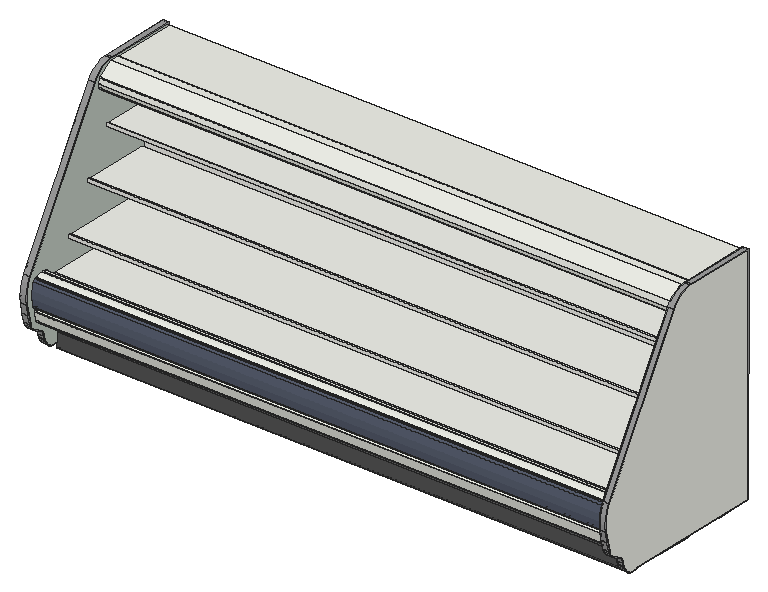
Revit family "IC2XSL_2014", category Specialty Equipment, Revit 2014 (continued)
Automatic sketch dimensions
  Sweep 13 sketch curve to Sweep 13 sketch curve = 1.02879"
  Sweep 13 sketch curve to Sweep 13 sketch curve = 1.04428"
  Sweep 13 sketch curve to Sweep 13 sketch curve = 0.25647"
  Sweep 13 sketch curve to plane 3 "Top" = 0.19967"
  profile plane to Sweep 13 sketch curve = 0.03127"
  profile plane to Sweep 13 sketch curve = 0.00002"
  Sweep 14 sketch curve to Sweep 14 sketch curve = 0"  (x2)
  Sweep 14 sketch curve to plane 5 "Front" = 0.76218"
  Sweep 14 sketch curve to plane 5 "Front" = 0.15799"
  Sweep 14 sketch curve to plane 5 "Front" = 0.13846"
  plane 5 "Front" to Sweep 14 sketch curve = 0.58581"
  plane 5 "Front" to Sweep 14 sketch curve = 1.50402"
  plane 5 "Front" to Sweep 14 sketch curve = 1.5175"
  Sweep 14 sketch curve to Sweep 14 sketch curve = 1.26881"
  plane 5 "Front" to Sweep 14 sketch curve = 3.01575"
  Sweep 14 sketch curve to Sweep 14 sketch curve = 1.40828"
  Sweep 14 sketch curve to Sweep 14 sketch curve = 0.25647"
  Sweep 14 sketch curve to Sweep 14 sketch curve = 3.1542"
  level to Sweep 14 sketch curve = 1.14864"
  Sweep 14 sketch curve to Sweep 14 sketch curve = 0.01548"
  Sweep 14 sketch curve to Sweep 14 sketch curve = 4.63687"
  Sweep 14 sketch curve to Sweep 14 sketch curve = 1.02879"
  plane 13 to Sweep 14 sketch curve = 2.80151"
  plane 5 "Front" to Sweep 14 sketch curve = 15.57505"
  Sweep 14 sketch curve to plane 11 = 7.20912"
  Sweep 14 sketch curve to Sweep 14 sketch curve = 12.0321"
  plane 3 "Top" to Sweep 14 sketch curve = 3.02972"
  Sweep 14 sketch curve to Sweep 14 sketch curve = 4.61809"
  Sweep 14 sketch curve to Sweep 14 sketch curve = 5.6739"
  Sweep 14 sketch curve to plane 3 "Top" = 0.2296"
  Sweep 14 sketch curve to Sweep 14 sketch curve = 5.69059"
  Sweep 14 sketch curve to plane 1 "Back" = 0.01253"
  Sweep 14 sketch curve to Sweep 14 sketch curve = 0.14623"
  level to Sweep 14 sketch curve = 1.34016"
  level to Sweep 14 sketch curve = 3.56886"
  Sweep 14 sketch curve to Sweep 14 sketch curve = 0.2368"
  Sweep 14 sketch curve to Sweep 14 sketch curve = 0.95748"
  Sweep 14 sketch curve to Sweep 14 sketch curve = 0.65797"
  Sweep 14 sketch curve to Sweep 14 sketch curve = 2.05632"
  Sweep 14 sketch curve to Sweep 14 sketch curve = 2.32776"
  Sweep 14 sketch curve to Sweep 14 sketch curve = 5.43078"
  Sweep 14 sketch curve to Sweep 14 sketch curve = 8.50319"
  Sweep 14 sketch curve to Sweep 14 sketch curve = 1.2754"
  Sweep 14 sketch curve to plane 3 "Top" = 0.19965"
  profile plane to Sweep 14 sketch curve = 0.03129"
  profile plane to Sweep 14 sketch curve = 0.00004"
  Extrusion 1 sketch curve to Extrusion 1 sketch curve = 0"  (x2)
  Extrusion 2 sketch curve to Extrusion 2 sketch curve = 0"
  Extrusion 3 sketch curve to Extrusion 3 sketch curve = 0"
  curve 3 to plane 5 "Front" = 0"
  plane 1 "Back" to curve 1 = 0"
  plane 1 "Back" to curve 3 = 0"
  plane 1 "Back" to curve 2 = 0"
  Extrusion 4 sketch curve to plane 1 "Back" = 0"
  plane 3 "Top" to Extrusion 4 sketch curve = 2.46699"
  plane 1 "Back" to Extrusion 4 sketch curve = 6.51268"
  Extrusion 4 sketch curve to Extrusion 4 sketch curve = 0.40561"
  Extrusion 4 sketch curve to Extrusion 4 sketch curve = 0.65073"
  Extrusion 4 sketch curve to Extrusion 4 sketch curve = 0.63549"
  Extrusion 4 sketch curve to Extrusion 4 sketch curve = 0.24992"
  plane 1 "Back" to Extrusion 4 sketch curve = 8.50716"
  Extrusion 4 sketch curve to Extrusion 4 sketch curve = 0.16495"  (x3)
  Extrusion 4 sketch curve to Extrusion 4 sketch curve = 3.0803"
  plane 3 "Top" to Extrusion 4 sketch curve = 0.25881"
  Extrusion 4 sketch curve to Extrusion 4 sketch curve = 9.63787"
  Extrusion 4 sketch curve to Extrusion 4 sketch curve = 0.23267"
  plane 3 "Top" to Extrusion 4 sketch curve = 1.83448"
  Extrusion 4 sketch curve to Extrusion 4 sketch curve = 1.04743"
  plane 3 "Top" to Extrusion 4 sketch curve = 0.23302"
  Extrusion 4 sketch curve to Extrusion 4 sketch curve = 1.17465"
  plane 3 "Top" to Extrusion 4 sketch curve = 0.12861"
  Extrusion 4 sketch curve to Extrusion 4 sketch curve = 0.06775"  (x2)
  plane 3 "Top" to Extrusion 4 sketch curve = 3.21379"
  Extrusion 4 sketch curve to Extrusion 4 sketch curve = 1.38553"
  Extrusion 4 sketch curve to Extrusion 4 sketch curve = 0.04394"
  Extrusion 4 sketch curve to Extrusion 4 sketch curve = 7.67951"
  Extrusion 4 sketch curve to Extrusion 4 sketch curve = 0.30279"
  Extrusion 4 sketch curve to Extrusion 4 sketch curve = 2.20547"
  Extrusion 4 sketch curve to Extrusion 4 sketch curve = 0.00336"
  Extrusion 4 sketch curve to Extrusion 4 sketch curve = 0.37315"
  plane 3 "Top" to Extrusion 4 sketch curve = 4.73454"
  Extrusion 4 sketch curve to Extrusion 4 sketch curve = 0.05548"
  plane 3 "Top" to Extrusion 4 sketch curve = 4.84948"
  Extrusion 4 sketch curve to Extrusion 4 sketch curve = 0.03653"
  Extrusion 4 sketch curve to Extrusion 4 sketch curve = 0.0855"  (x2)
  plane 3 "Top" to Extrusion 4 sketch curve = 3.76865"
  Extrusion 4 sketch curve to Extrusion 4 sketch curve = 0.24928"
  plane 3 "Top" to Extrusion 4 sketch curve = 5.04328"
  Extrusion 4 sketch curve to Extrusion 4 sketch curve = 0.20503"
  plane 3 "Top" to Extrusion 4 sketch curve = 5.06617"
  Extrusion 4 sketch curve to Extrusion 4 sketch curve = 0.05142"  (x2)
  Extrusion 4 sketch curve to Extrusion 4 sketch curve = 0.62294"
  Extrusion 4 sketch curve to Extrusion 4 sketch curve = 0.30253"
  plane 3 "Top" to Extrusion 4 sketch curve = 2.37382"
  plane 3 "Top" to Extrusion 4 sketch curve = 4.92891"
  plane 3 "Top" to Extrusion 4 sketch curve = 2.44919"
  Extrusion 4 sketch curve to Extrusion 4 sketch curve = 0.05328"
  plane 3 "Top" to Extrusion 4 sketch curve = 4.84608"
  Extrusion 4 sketch curve to Extrusion 4 sketch curve = 0.06924"
  Extrusion 4 sketch curve to Extrusion 4 sketch curve = 0.69167"
  plane 3 "Top" to Extrusion 4 sketch curve = 3.83425"
  Extrusion 4 sketch curve to Extrusion 4 sketch curve = 0.12066"
  plane 3 "Top" to Extrusion 4 sketch curve = 3.77469"
  Extrusion 4 sketch curve to Extrusion 4 sketch curve = 0.00036"
  level to Extrusion 4 sketch curve = 1.58082"
  Extrusion 4 sketch curve to Extrusion 4 sketch curve = 3.52792"
  Extrusion 4 sketch curve to plane 11 = 8.15832"
  Extrusion 4 sketch curve to Extrusion 4 sketch curve = 1.82053"
  plane 5 "Front" to Extrusion 4 sketch curve = 8.07405"
  Extrusion 4 sketch curve to Extrusion 4 sketch curve = 0.02089"
  Extrusion 4 sketch curve to Extrusion 4 sketch curve = 0.38322"
  Extrusion 4 sketch curve to Extrusion 4 sketch curve = 0.03165"
  Extrusion 4 sketch curve to Extrusion 4 sketch curve = 0.85356"
  Extrusion 4 sketch curve to Extrusion 4 sketch curve = 0.08776"
  Extrusion 4 sketch curve to Extrusion 4 sketch curve = 0.04779"
  level to Extrusion 4 sketch curve = 5.77763"
  Extrusion 4 sketch curve to Extrusion 4 sketch curve = 0.02665"
  Extrusion 4 sketch curve to Extrusion 4 sketch curve = 0.98434"
  Extrusion 4 sketch curve to Extrusion 4 sketch curve = 0.99165"
  Extrusion 4 sketch curve to Extrusion 4 sketch curve = 0.183"
  Extrusion 4 sketch curve to Extrusion 4 sketch curve = 0.20152"
  Extrusion 4 sketch curve to Extrusion 4 sketch curve = 0.15872"
  Extrusion 4 sketch curve to Extrusion 4 sketch curve = 0.02071"
  Extrusion 4 sketch curve to Extrusion 4 sketch curve = 0.07126"
  Extrusion 4 sketch curve to Extrusion 4 sketch curve = 0.93257"
  Extrusion 4 sketch curve to Extrusion 4 sketch curve = 0.04002"
  Extrusion 4 sketch curve to Extrusion 4 sketch curve = 0.05055"
  Extrusion 4 sketch curve to Extrusion 4 sketch curve = 0.91765"
  Extrusion 4 sketch curve to Extrusion 4 sketch curve = 0.01054"
  Extrusion 4 sketch curve to Extrusion 4 sketch curve = 0.12246"
  Extrusion 4 sketch curve to Extrusion 4 sketch curve = 2.54725"
  plane 5 "Front" to Extrusion 4 sketch curve = 1.63975"
  plane 5 "Front" to Extrusion 4 sketch curve = 1.57455"
  Extrusion 4 sketch curve to Extrusion 4 sketch curve = 0.07583"
  Extrusion 4 sketch curve to Extrusion 4 sketch curve = 0.07923"
  Extrusion 4 sketch curve to Extrusion 4 sketch curve = 0.14334"
  Extrusion 4 sketch curve to Extrusion 4 sketch curve = 0.04134"
  Extrusion 4 sketch curve to Extrusion 4 sketch curve = 0.18513"
  Extrusion 4 sketch curve to Extrusion 4 sketch curve = 0.0402"
  Extrusion 4 sketch curve to Extrusion 4 sketch curve = 0.04966"
  Extrusion 4 sketch curve to Extrusion 4 sketch curve = 0.05018"
  Extrusion 4 sketch curve to Extrusion 4 sketch curve = 0.10623"
  Extrusion 4 sketch curve to Extrusion 4 sketch curve = 0.03772"  (x2)
  Extrusion 4 sketch curve to Extrusion 4 sketch curve = 0.0342"  (x2)
  Extrusion 4 sketch curve to Extrusion 4 sketch curve = 0.52554"
  Extrusion 4 sketch curve to Extrusion 4 sketch curve = 0.01073"
  Extrusion 4 sketch curve to Extrusion 4 sketch curve = 0.23314"
  Extrusion 4 sketch curve to Extrusion 4 sketch curve = 3.11854"
  Extrusion 4 sketch curve to Extrusion 4 sketch curve = 0.09979"
  Extrusion 4 sketch curve to Extrusion 4 sketch curve = 4 133/256"
  Extrusion 4 sketch curve to Extrusion 4 sketch curve = 0.01305"
  Extrusion 4 sketch curve to Extrusion 4 sketch curve = 0.17029"
  Extrusion 4 sketch curve to Extrusion 4 sketch curve = 0.05865"
  Extrusion 4 sketch curve to Extrusion 4 sketch curve = 0.31287"
  Extrusion 4 sketch curve to Extrusion 4 sketch curve = 65/256"
  Extrusion 4 sketch curve to Extrusion 4 sketch curve = 0.0098"
  Extrusion 4 sketch curve to Extrusion 4 sketch curve = 0.43051"
  Extrusion 4 sketch curve to Extrusion 4 sketch curve = 1.02083"
  Extrusion 4 sketch curve to Extrusion 4 sketch curve = 0.0444"
  Extrusion 4 sketch curve to Extrusion 4 sketch curve = 0.12659"
  Extrusion 4 sketch curve to Extrusion 4 sketch curve = 0.12566"
  Extrusion 4 sketch curve to Extrusion 4 sketch curve = 0.24791"
  Extrusion 4 sketch curve to Extrusion 4 sketch curve = 0.01567"
  Extrusion 4 sketch curve to Extrusion 4 sketch curve = 0.16362"
  Extrusion 4 sketch curve to plane 11 = 8.62041"
  Extrusion 4 sketch curve to Extrusion 4 sketch curve = 0.01586"
  Extrusion 4 sketch curve to Extrusion 4 sketch curve = 0.36189"
  Extrusion 4 sketch curve to Extrusion 4 sketch curve = 0.7215"
  Extrusion 4 sketch curve to Extrusion 4 sketch curve = 2.54085"
  Extrusion 4 sketch curve to Extrusion 4 sketch curve = 0.49985"
  Extrusion 4 sketch curve to Extrusion 4 sketch curve = 0.46135"
  Extrusion 4 sketch curve to Extrusion 4 sketch curve = 1.06839"
  Extrusion 4 sketch curve to Extrusion 4 sketch curve = 0.92456"
  Extrusion 4 sketch curve to Extrusion 4 sketch curve = 0.01207"
  Extrusion 4 sketch curve to Extrusion 4 sketch curve = 2.18417"
  Extrusion 4 sketch curve to Extrusion 4 sketch curve = 0.38016"
  Extrusion 4 sketch curve to Extrusion 4 sketch curve = 0.06436"
  Extrusion 4 sketch curve to Extrusion 4 sketch curve = 0.0073"
  Extrusion 4 sketch curve to Extrusion 4 sketch curve = 0.91268"
  Extrusion 4 sketch curve to Extrusion 4 sketch curve = 0.05165"
  Extrusion 4 sketch curve to Extrusion 4 sketch curve = 0.13522"
  Extrusion 4 sketch curve to Extrusion 4 sketch curve = 0.02093"
  Extrusion 4 sketch curve to Extrusion 4 sketch curve = 0.0715"
  Extrusion 4 sketch curve to Extrusion 4 sketch curve = 0.45618"
  Extrusion 4 sketch curve to Extrusion 4 sketch curve = 0.04001"
  level to Extrusion 4 sketch curve = 5.51819"
  Extrusion 4 sketch curve to Extrusion 4 sketch curve = 0.16483"
  Extrusion 4 sketch curve to Extrusion 4 sketch curve = 0.0003"
  Extrusion 4 sketch curve to Extrusion 4 sketch curve = 0.05122"
  Extrusion 4 sketch curve to Extrusion 4 sketch curve = 0.00175"
  Extrusion 4 sketch curve to Extrusion 4 sketch curve = 0.00443"
  Extrusion 4 sketch curve to Extrusion 4 sketch curve = 0.06223"  (x2)
  Extrusion 4 sketch curve to Extrusion 4 sketch curve = 0"
  Extrusion 4 sketch curve to Extrusion 4 sketch curve = 0.01348"
  Extrusion 4 sketch curve to Extrusion 4 sketch curve = 0.02382"
  Extrusion 4 sketch curve to Extrusion 4 sketch curve = 0.10097"
  Extrusion 4 sketch curve to Extrusion 4 sketch curve = 0.06198"
  Extrusion 4 sketch curve to Extrusion 4 sketch curve = 0.04683"
  Extrusion 4 sketch curve to Extrusion 4 sketch curve = 5.82165"
  Extrusion 4 sketch curve to Extrusion 4 sketch curve = 2.48293"
  Extrusion 5 sketch curve to Extrusion 5 sketch curve = 0.38016"
  Extrusion 5 sketch curve to Extrusion 5 sketch curve = 0.3295"
  Extrusion 5 sketch curve to Extrusion 5 sketch curve = 0.22534"
  Extrusion 5 sketch curve to Extrusion 5 sketch curve = 0.60971"
  Extrusion 5 sketch curve to Extrusion 5 sketch curve = 7.89549"
  Extrusion 5 sketch curve to Extrusion 5 sketch curve = 2.25476"
  Extrusion 5 sketch curve to Extrusion 5 sketch curve = 4.52154"
  Extrusion 5 sketch curve to Extrusion 5 sketch curve = 0.61652"
  Extrusion 5 sketch curve to Extrusion 5 sketch curve = 0.19176"
  Extrusion 5 sketch curve to plane 11 = 11.74238"
  Extrusion 5 sketch curve to Extrusion 5 sketch curve = 0.49366"
  Extrusion 5 sketch curve to Extrusion 5 sketch curve = 0.39156"
  curve 25 to curve 24 = 0.06394"
  curve 24 to curve 25 = 0.06223"
  curve 25 to curve 29 = 4.5996"
  curve 27 to curve 29 = 1.94023"
  curve 30 to curve 32 = 0.36729"
  curve 31 to curve 33 = 1.06566"
  curve 30 to curve 31 = 0.49387"
  curve 33 to curve 32 = 0.49985"
  curve 32 to curve 34 = 0.38257"
  curve 34 to curve 35 = 0.49985"
  curve 35 to curve 36 = 0.82955"
  curve 37 to curve 38 = 0.49985"
  curve 38 to curve 38 = 0.28072"
  curve 39 to curve 40 = 0.49851"
  curve 39 to curve 39 = 0.49985"
  curve 40 to curve 40 = 0.79906"
  curve 40 to curve 17 = 0.24335"
  curve 17 to curve 17 = 2.19677"
  curve 17 to curve 19 = 0.49985"  (x2)
  curve 18 to curve 19 = 1.29652"
  curve 20 to curve 20 = 0.49985"
  curve 20 to curve 21 = 8.83291"
  curve 21 to curve 23 = 14.184"
  curve 23 to curve 22 = 4.3077"
  curve 17 to curve 40 = 0.24335"
  curve 41 to curve 40 = 0.79906"
  curve 39 to curve 24 = 4.09078"
  curve 39 to curve 38 = 0.49851"
  curve 18 to curve 20 = 1.38954"
  curve 38 to curve 37 = 0.57328"
  curve 39 to curve 38 = 0.28072"
  curve 20 to curve 19 = 0.49985"
  curve 34 to curve 33 = 0.68941"
  curve 21 to curve 22 = 13.51405"
  curve 33 to curve 32 = 0.94906"
  curve 30 to curve 29 = 1.0335"
  curve 28 to curve 29 = 2.80524"
  curve 23 to curve 23 = 4.3077"  (x2)
  curve 29 to curve 28 = 1.94023"
  curve 24 to curve 18 = 3.23031"  (x2)
  Extrusion 6 sketch curve to Extrusion 6 sketch curve = 0.07165"
  plane 5 "Front" to Extrusion 6 sketch curve = 8.05671"
  plane 5 "Front" to Extrusion 15 sketch curve = 7.52039"
  level to Extrusion 15 sketch curve = 5.1115"
  Extrusion 15 sketch curve to Extrusion 15 sketch curve = 0.02488"
  Extrusion 15 sketch curve to Extrusion 15 sketch curve = 0.03483"  (x2)
  Extrusion 15 sketch curve to Extrusion 15 sketch curve = 0.01493"  (x2)
  level to Extrusion 15 sketch curve = 4.56974"
  Extrusion 15 sketch curve to Extrusion 15 sketch curve = 0.00995"
  Extrusion 15 sketch curve to Extrusion 15 sketch curve = 0.00862"  (x2)
  Extrusion 15 sketch curve to Extrusion 15 sketch curve = 0.6549"
  Extrusion 15 sketch curve to Extrusion 15 sketch curve = 0.98313"
  level to Extrusion 15 sketch curve = 2.14108"
Nested families (in)
  nested 1: "Shelf" at (0, -7.8816, 19.25), visible <- "Shelf", type "Bottom Shelf"
    with Width 144 1/2", Depth 24"
  nested 2: "Shelf" at (0, -7.8816, 39.25), visible <- "Shelf", type "Top Shelf"
    with Width 144 1/2", Depth 12"
  nested 3: "Light" at (-5.05699, -22.27359, -28.75), visible <- "Shelf Lights", type "Light"
    with Length 144 1/2"
  nested 4: "Floor Support-Side Skid-IC2XSL" at (-79.33203, 0, 0), type "Floor Support-Side Skid"
  nested 5: "Floor Support-Skid-IC2XSL" at (-7.08203, 0, 0), visible <- "8 Case", type "Floor Support-Skid"
  nested 6: "Floor Support-Side Skid-IC2XSL" at (69.21806, 0, 0) x (-1, 0, 0) z (0, 0, 1), type "Floor Support-Side Skid"
  nested 7: "Floor Support-Skid-IC2XSL" at (-31.08203, 0, 0), visible <- "12 Case", type "Floor Support-Skid"
  nested 8: "Floor Support-Skid-IC2XSL" at (20.96806, 0, 0) x (-1, 0, 0) z (0, 0, 1), visible <- "12 Case", type "Floor Support-Skid"
  nested 9: "Floor Support-Skid-IC2XSL" at (-7.08203, 0, 0), visible <- "6 Case", type "Floor Support-Skid"
  nested 10: "Light" at (-5.05699, -10.27359, -8.75), visible <- "Shelf Lights", type "Light"
    with Length 144 1/2"
  nested 11: "Light" at (-5.05699, -11.2438, 0.8052), type "Light"
    with Length 144 1/2"
  nested 12: "Shelf" at (0, -7.8816, 29.25), visible <- "Shelf", type "Middle Shelf"
    with Width 144 1/2", Depth 18"
  nested 13: "Light" at (-5.05699, -16.27359, -18.75), visible <- "Shelf Lights", type "Light"
    with Length 144 1/2"
Connectors (in)
  piping at (-4.80699, -33.5, 0), diameter 1.25, driven by "Waste Drain"
    settings: on Extrusion 1, index 8, connector inside diameter 1 1/4", connector length 0", flow factor 0, pipe flow 0 GPM, pressure drop 0.00 psi, fitting loss kfactor 0, connector angle 0.00°, fixture units 0, engagement length 0", angle of deflection 0.00°, flow configuration 0, flow direction 0, fitting loss method 0, system type 16, joint type 0, gender type 0, connector reference index -1, connector utility 0, adjustable connector no, is connector primary yes, connector description "1 1/4\""
  piping at (58.25551, -28.75, 0), diameter 0.875, driven by "Refrig. Suction", driven by "Refrigeration Lines Suction"
    settings: on Extrusion 2, index 9, connector inside diameter 7/8", connector length 0", flow factor 0, pipe flow 0 GPM, pressure drop 0.00 psi, fitting loss kfactor 0, connector angle 0.00°, fixture units 0, engagement length 0", angle of deflection 0.00°, flow configuration 0, flow direction 2, fitting loss method 0, system type 22, joint type 0, gender type 0, connector reference index -1, connector utility 0, adjustable connector no, is connector primary no, connector description "Suction"
  piping at (58.88051, -28.75, 0), diameter 0.375, driven by "Refrig. Liquid", driven by "Refrigeration Lines Liquid"
    settings: on Extrusion 3, index 10, connector inside diameter 3/8", connector length 0", flow factor 0, pipe flow 0 GPM, pressure drop 0.00 psi, fitting loss kfactor 0, connector angle 0.00°, fixture units 0, engagement length 0", angle of deflection 0.00°, flow configuration 0, flow direction 1, fitting loss method 0, system type 22, joint type 0, gender type 0, connector reference index -1, connector utility 0, adjustable connector no, is connector primary no, connector description "Liquid"
Definition of nested family "Shelf"
  Parameters (values of type "Shelf")
    Width = 24"
    URL = "www.hussmann.com"
    Type Comments = "Shelf"
    Shelves = Sheet Metal (Steel Painted) - 700 Interior White
    Model = ""
    Manufacturer = "Hussmann Corporation"
    Height = 5"
    Description = ""
    Depth = 20"
    Assembly Code = ""
    Accessories/Options = ""
  Reference planes (in)
    plane 1 "Back": y = 0
    plane 2 "Bottom": z = 0
    plane 3 "Left": x = -77.30699
    plane 4 "Right": x = -53.30699
    plane 5 "Front": y = -20
    plane 6 "Center (Left/Right)": x = -65.30699
    plane 7: z = 5
  Forms (in)
    Extrusion 1, solid, material "Sheet Metal (Steel Painted) - 700 Interior White" <- "Shelves"
      sketch origin (-77.30699, 7.75, -64.26162) x (0, 1, 0) y (0, 0, 1)
        loop
          line (-7.75, 64.26162) -> (-7.75, 68.01162) -> (-8.5, 68.01162) -> (-8.5, 69.01162) -> (-27.5, 69.01162) -> (-27.5, 69.26162) -> (-27.75, 69.26162) -> (-27.75, 68.26162) -> (-27.5, 68.26162) -> (-27.5, 68.76162) -> (-26, 68.76162) -> (-26, 68.51162) -> (-13.81963, 68.51162) -> (-7.75, 64.26162)
      from 0 to 24
  Dimensions and locks (in)
    "Width": plane 4 "Right" to plane 3 "Left"
    equal spacing: plane 4 "Right", plane 6 "Center (Left/Right)", plane 3 "Left"
    "Depth": plane 1 "Back" to plane 5 "Front"
    "Height": level to plane 7
    aligned and locked: Extrusion 1 to plane 3 "Left"
    aligned and locked: plane 4 "Right" to Extrusion 1
  Automatic sketch dimensions
    Extrusion 1 sketch curve to plane 5 "Front" = 0"
    Extrusion 1 sketch curve to plane 1 "Back" = 0"
    plane 5 "Front" to Extrusion 1 sketch curve = 1/4"  (x2)
    Extrusion 1 sketch curve to Extrusion 1 sketch curve = 1 1/2"
    plane 1 "Back" to Extrusion 1 sketch curve = 6.06963"
    plane 1 "Back" to Extrusion 1 sketch curve = 3/4"
    Extrusion 1 sketch curve to Extrusion 1 sketch curve = 3 3/4"
    Extrusion 1 sketch curve to Extrusion 1 sketch curve = 1/2"  (x2)
    Extrusion 1 sketch curve to Extrusion 1 sketch curve = 1"
    Extrusion 1 sketch curve to Extrusion 1 sketch curve = 1/4"
    Extrusion 1 sketch curve to Extrusion 1 sketch curve = 3/4"
    Extrusion 1 sketch curve to level = 0"
Definition of nested family "Floor Support-Side Skid-IC2XSL"
  Parameters (values of type "Floor Support-Skid")
    Width = 8 69/128"
    URL = "www.hussmann.com"
    Type Comments = ""
    Revit Family Date = "11/19/2015"  # constant formula
    Model = ""
    Manufacturer = "Hussmann Corporation"
    Height = 10.26407"
    Floor Support = none
    Description = ""
    Depth = 35.02835"
    Assembly Code = ""
    Accessories/Options = ""
  Reference planes (in)
    plane 1 "Back": y = 0
    plane 2 "Bottom": z = 0
    plane 3 "Top": z = 10.26407
    plane 4 "Right": x = 6.29458
    plane 5 "Front": y = -35.02835
    plane 6 "Center (Left/Right)": x = 2.02504
  Forms (in)
    Extrusion 1, solid
      sketch origin (0, 0, 0) x (1, 0, 0) y (0, 1, 0)
        loop
          line (6.2427, -0.35106) -> (5.61346, -0.35106)
          spline (5.61346, -0.35106) -> (5.60467, -0.35154) -> (5.59595, -0.35077) -> (5.58749, -0.34877) -> (5.57945, -0.3456) -> (5.572, -0.3413) -> (5.56527, -0.33596) -> (5.5594, -0.32969) -> (5.55452, -0.32262) -> (5.55071, -0.31489) -> (5.54806, -0.30664) -> (5.54661, -0.29805) -> (5.5464, -0.28928)
          line (5.5464, -0.28928) -> (5.5511, -0.1881)
          spline (5.5511, -0.1881) -> (5.55064, -0.16354) -> (5.54698, -0.1394) -> (5.54017, -0.1161) -> (5.53035, -0.09404) -> (5.51767, -0.07358) -> (5.50235, -0.05508) -> (5.48466, -0.03886) -> (5.4649, -0.02519) -> (5.44339, -0.01431) -> (5.42052, -0.00641) -> (5.39668, -0.00161) -> (5.37226, 0)
          line (5.37226, 0) -> (2.02504, 0) -> (2.02504, -30.00158) -> (2.4234, -30.00158) -> (2.4234, -34.87231) -> (2.57945, -34.87231) -> (2.57945, -35.02528) -> (4.66388, -35.02528) -> (4.66388, -34.87231) -> (4.81992, -34.87231) -> (4.81992, -29.95052)
          arc (4.81992, -29.95052) -> (5.61912, -29.41396) -> (5.92788, -28.5022) r 1.5006
          line (5.92788, -28.5022) -> (5.92843, -23.36772)
          spline (5.92843, -23.36772) -> (5.93056, -23.33509) -> (5.93693, -23.30304) -> (5.94743, -23.27209) -> (5.96187, -23.24279) -> (5.98001, -23.21563) -> (6.00154, -23.19108) -> (6.02609, -23.16955) -> (6.05325, -23.15141) -> (6.08256, -23.13697) -> (6.1135, -23.12647) -> (6.14556, -23.1201) -> (6.17818, -23.11797)
          line (6.17818, -23.11797) -> (7.49155, -23.11797)
          spline (7.49155, -23.11797) -> (7.55681, -23.1137) -> (7.62092, -23.10096) -> (7.68281, -23.07997) -> (7.74141, -23.05109) -> (7.79573, -23.01481) -> (7.84484, -22.97175) -> (7.8879, -22.92264) -> (7.92418, -22.86832) -> (7.95307, -22.80972) -> (7.97405, -22.74783) -> (7.98679, -22.68371) -> (7.99106, -22.61846)
          line (7.99106, -22.61846) -> (7.99106, -21.6167)
          spline (7.99106, -21.6167) -> (7.98679, -21.55145) -> (7.97405, -21.48733) -> (7.95307, -21.42544) -> (7.92418, -21.36684) -> (7.8879, -21.31252) -> (7.84484, -21.26341) -> (7.79573, -21.22035) -> (7.74141, -21.18407) -> (7.68281, -21.15519) -> (7.62092, -21.1342) -> (7.55681, -21.12146) -> (7.49155, -21.11719)
          line (7.49155, -21.11719) -> (6.17818, -21.11719)
          spline (6.17818, -21.11719) -> (6.14556, -21.11506) -> (6.1135, -21.10869) -> (6.08256, -21.09819) -> (6.05325, -21.08375) -> (6.02609, -21.06561) -> (6.00154, -21.04408) -> (5.98001, -21.01953) -> (5.96187, -20.99237) -> (5.94743, -20.96307) -> (5.93693, -20.93212) -> (5.93056, -20.90006) -> (5.92843, -20.86744)
          line (5.92843, -20.86744) -> (5.92843, -10.79985)
          spline (5.92843, -10.79985) -> (5.93056, -10.76722) -> (5.93693, -10.73516) -> (5.94743, -10.70422) -> (5.96187, -10.67492) -> (5.98001, -10.64776) -> (6.00154, -10.6232) -> (6.02609, -10.60167) -> (6.05325, -10.58353) -> (6.08256, -10.56909) -> (6.1135, -10.5586) -> (6.14556, -10.55223) -> (6.17818, -10.55009)
          line (6.17818, -10.55009) -> (7.49155, -10.55009)
          spline (7.49155, -10.55009) -> (7.55681, -10.54582) -> (7.62092, -10.53308) -> (7.68281, -10.5121) -> (7.74141, -10.48322) -> (7.79573, -10.44693) -> (7.84484, -10.40387) -> (7.8879, -10.35476) -> (7.92418, -10.30044) -> (7.95307, -10.24184) -> (7.97405, -10.17995) -> (7.98679, -10.11584) -> (7.99106, -10.05058)
          line (7.99106, -10.05058) -> (7.99106, -9.04882)
          spline (7.99106, -9.04882) -> (7.98679, -8.98357) -> (7.97405, -8.91946) -> (7.95307, -8.85757) -> (7.92418, -8.79896) -> (7.8879, -8.74465) -> (7.84484, -8.69554) -> (7.79573, -8.65247) -> (7.74141, -8.61619) -> (7.68281, -8.58731) -> (7.62092, -8.56632) -> (7.55681, -8.55359) -> (7.49155, -8.54932)
          line (7.49155, -8.54932) -> (6.18249, -8.54932)
          arc (6.18249, -8.54932) -> (6.0282, -8.49852) -> (5.93426, -8.36599) r 0.25973
          line (5.93426, -8.36599) -> (6.30377, -0.41601)
          spline (6.30377, -0.41601) -> (6.30361, -0.4077) -> (6.30234, -0.3995) -> (6.29999, -0.39156) -> (6.29661, -0.38402) -> (6.29225, -0.37701) -> (6.28699, -0.37067) -> (6.28093, -0.36509) -> (6.27417, -0.36039) -> (6.26683, -0.35664) -> (6.25905, -0.35392) -> (6.25096, -0.35226) -> (6.2427, -0.35106)
      from 0 to 10.26407
    Extrusion 2, void
      sketch origin (2.02504, 0, 0) x (0, 1, 0) y (0, 0, 1)
        loop
          line (-29.18397, 5.56503) -> (-8.50716, 5.56503) -> (0, 10.08456) -> (0, 10.26407) -> (-35.02528, 10.26407) -> (-35.02528, 1.08698) -> (-27.78996, 2.76906) -> (-26.7357, 2.76906) -> (-26.85079, 4.08456)
          arc (-26.85079, 4.08456) -> (-26.88112, 4.17154) -> (-26.94923, 4.23357) r 0.18744
          line (-26.94923, 4.23357) -> (-29.18397, 5.42681) -> (-29.18397, 5.56503)
      from -12.58447 to 12.58363
    Extrusion 3, void
      sketch origin (2.02504, 0, 0) x (0, 1, 0) y (0, 0, 1)
        loop
          line (-2.69879, 0) -> (0, 0) -> (0, 6.29404) -> (-2.26929, 4.02442)
          arc (-2.26929, 4.02442) -> (-2.30939, 3.96496) -> (-2.3243, 3.89481) r 0.18794
          line (-2.3243, 3.89481) -> (-2.32858, 3.6497) -> (-2.33112, 3.50443) -> (-2.33533, 3.26291) -> (-2.33949, 3.02455) -> (-2.38694, 0.30646)
          arc (-2.38694, 0.30646) -> (-2.48018, 0.08944) -> (-2.69879, 0) r 0.3119
      from -12.58447 to 12.58363
    Extrusion 4, void
      sketch origin (2.02504, 0, 0) x (0, 1, 0) y (0, 0, 1)
        loop
          line (-17.28342, 0) -> (-7.07945, 0)
          arc (-7.07945, 0) -> (-7.199, 0.02378) -> (-7.30035, 0.0915) r 0.3124
          line (-7.30035, 0.0915) -> (-7.41444, 0.20559)
          arc (-7.41444, 0.20559) -> (-7.45626, 0.23672) -> (-7.50525, 0.25454) r 0.17979
          arc (-7.50525, 0.25454) -> (-12.18143, 0.73178) -> (-16.85761, 0.25454) r 23.14851
          arc (-16.85761, 0.25454) -> (-16.90661, 0.23672) -> (-16.94843, 0.20559) r 0.17979
          line (-16.94843, 0.20559) -> (-17.06252, 0.0915)
          arc (-17.06252, 0.0915) -> (-17.16387, 0.02378) -> (-17.28342, 0) r 0.3124
      from -12.58447 to 12.58363
    Extrusion 5, void
      sketch origin (2.02504, 0, 0) x (0, 1, 0) y (0, 0, 1)
        loop
          line (-26.93283, 0.16782) -> (-26.93283, 0) -> (-25.52532, 0)
          arc (-25.52532, 0) -> (-25.68723, 0.04523) -> (-25.80225, 0.16782) r 0.3124
          line (-25.80225, 0.16782) -> (-26.93283, 0.16782)
      from -12.58447 to 12.58363
  Cuts and joins
    Extrusion 2, Extrusion 3, Extrusion 4, Extrusion 5 cuts Extrusion 1
  Dimensions and locks (in)
    plane 6 "Center (Left/Right)" to plane 4 "Right" = 4 69/256"
    "Depth": plane 5 "Front" to plane 1 "Back"
    "Height": plane 3 "Top" to level
    aligned and locked: Extrusion 1 to plane 3 "Top"
    aligned and locked: Extrusion 1 to level
  Automatic sketch dimensions
    plane 3 "Top" to Extrusion 2 sketch curve = 0"
    Extrusion 2 sketch curve to plane 1 "Back" = 0"
    plane 1 "Back" to Extrusion 2 sketch curve = 8.50716"
    level to Extrusion 2 sketch curve = 4.08456"
    plane 5 "Front" to Extrusion 2 sketch curve = 8.17757"
    level to Extrusion 2 sketch curve = 4.23357"
    Extrusion 2 sketch curve to Extrusion 2 sketch curve = 0.09844"
    Extrusion 2 sketch curve to Extrusion 2 sketch curve = 0.08829"
    level to Extrusion 2 sketch curve = 2.76906"
    Extrusion 2 sketch curve to Extrusion 2 sketch curve = 0.75244"
    Extrusion 2 sketch curve to Extrusion 2 sketch curve = 0.17952"
    Extrusion 2 sketch curve to Extrusion 2 sketch curve = 0.11509"
    Extrusion 2 sketch curve to Extrusion 2 sketch curve = 2.23474"
    level to Extrusion 2 sketch curve = 1.08698"
    Extrusion 2 sketch curve to Extrusion 2 sketch curve = 1.19324"
    Extrusion 2 sketch curve to Extrusion 2 sketch curve = 0.13822"
    plane 5 "Front" to Extrusion 2 sketch curve = 0.00307"
    plane 1 "Back" to Extrusion 3 sketch curve = 2.69879"
    Extrusion 3 sketch curve to Extrusion 3 sketch curve = 0.31186"
    level to Extrusion 3 sketch curve = 3.02455"
    plane 1 "Back" to Extrusion 3 sketch curve = 2.33949"
    level to Extrusion 3 sketch curve = 3.26291"
    Extrusion 3 sketch curve to Extrusion 3 sketch curve = 0.00416"
    level to Extrusion 3 sketch curve = 3.50443"
    Extrusion 3 sketch curve to Extrusion 3 sketch curve = 0.00422"
    level to Extrusion 3 sketch curve = 3.6497"
    Extrusion 3 sketch curve to Extrusion 3 sketch curve = 0.00254"
    level to Extrusion 3 sketch curve = 3.89481"
    Extrusion 3 sketch curve to Extrusion 3 sketch curve = 0.00428"
    Extrusion 3 sketch curve to Extrusion 3 sketch curve = 0.05501"
    Extrusion 3 sketch curve to Extrusion 3 sketch curve = 0.18791"
    Extrusion 3 sketch curve to plane 1 "Back" = 0"
    Extrusion 3 sketch curve to level = 0"
    Extrusion 3 sketch curve to Extrusion 3 sketch curve = 0.30646"
    Extrusion 3 sketch curve to Extrusion 3 sketch curve = 0.3119"
    Extrusion 3 sketch curve to Extrusion 3 sketch curve = 0.00328"
    level to Extrusion 3 sketch curve = 6.29404"
    Extrusion 3 sketch curve to Extrusion 3 sketch curve = 0"
    Extrusion 4 sketch curve to Extrusion 4 sketch curve = 0.2209"  (x2)
    Extrusion 4 sketch curve to Extrusion 4 sketch curve = 0.11409"  (x4)
    Extrusion 4 sketch curve to Extrusion 4 sketch curve = 0.12713"  (x4)
    plane 5 "Front" to Extrusion 4 sketch curve = 22.84692"
    Extrusion 4 sketch curve to Extrusion 4 sketch curve = 9.27972"
    level to Extrusion 4 sketch curve = 0.3124"
    Extrusion 4 sketch curve to Extrusion 4 sketch curve = 0.10681"  (x2)
    Extrusion 4 sketch curve to Extrusion 4 sketch curve = 22.49519"
    Extrusion 4 sketch curve to Extrusion 4 sketch curve = 0"  (x4)
    Extrusion 4 sketch curve to level = 0"
    plane 1 "Back" to Extrusion 4 sketch curve = 16.82129"
    plane 5 "Front" to Extrusion 5 sketch curve = 8.09553"
    Extrusion 5 sketch curve to Extrusion 5 sketch curve = 1.13057"
    Extrusion 5 sketch curve to Extrusion 5 sketch curve = 0.27693"
    Extrusion 5 sketch curve to level = 0"
    Extrusion 5 sketch curve to Extrusion 5 sketch curve = 0.16782"
    Extrusion 5 sketch curve to Extrusion 5 sketch curve = 0.3124"
    Extrusion 5 sketch curve to Extrusion 5 sketch curve = 0"
    Extrusion 1 sketch curve to plane 6 "Center (Left/Right)" = 0"
    plane 1 "Back" to Extrusion 1 sketch curve = 0"
    Extrusion 1 sketch curve to Extrusion 1 sketch curve = 0.39836"
    Extrusion 1 sketch curve to Extrusion 1 sketch curve = 0.15604"  (x2)
    Extrusion 1 sketch curve to plane 4 "Right" = 1.8673"
    plane 5 "Front" to Extrusion 1 sketch curve = 0.15604"  (x2)
    Extrusion 1 sketch curve to plane 4 "Right" = 1.6307"
    Extrusion 1 sketch curve to plane 4 "Right" = 0.92232"
    plane 1 "Back" to Extrusion 1 sketch curve = 0.28928"
    Extrusion 1 sketch curve to Extrusion 1 sketch curve = 0.17414"
    plane 1 "Back" to Extrusion 1 sketch curve = 0.1881"
    Extrusion 1 sketch curve to Extrusion 1 sketch curve = 0.0047"
    Extrusion 1 sketch curve to Extrusion 1 sketch curve = 0.06706"
    Extrusion 1 sketch curve to plane 4 "Right" = 0.36615"  (x2)
    Extrusion 1 sketch curve to plane 4 "Right" = 0.11639"  (x3)
    Extrusion 1 sketch curve to plane 4 "Right" = 0.11208"
    plane 4 "Right" to Extrusion 1 sketch curve = 0.0092"
    plane 4 "Right" to Extrusion 1 sketch curve = 1.19698"  (x4)
    Extrusion 1 sketch curve to Extrusion 1 sketch curve = 0.49951"  (x6)
    plane 5 "Front" to Extrusion 1 sketch curve = 0.00307"
    Extrusion 1 sketch curve to Extrusion 1 sketch curve = 4.87073"
    Extrusion 1 sketch curve to Extrusion 1 sketch curve = 0.05106"
    Extrusion 1 sketch curve to Extrusion 1 sketch curve = 1.44832"
    Extrusion 1 sketch curve to Extrusion 1 sketch curve = 5.13448"
    Extrusion 1 sketch curve to Extrusion 1 sketch curve = 0.24975"  (x3)
    Extrusion 1 sketch curve to Extrusion 1 sketch curve = 1.00176"  (x2)
    Extrusion 1 sketch curve to Extrusion 1 sketch curve = 10.06759"
    Extrusion 1 sketch curve to Extrusion 1 sketch curve = 0.25973"
    plane 1 "Back" to Extrusion 1 sketch curve = 0.41601"
    Extrusion 1 sketch curve to Extrusion 1 sketch curve = 0.06179"
    Extrusion 1 sketch curve to Extrusion 1 sketch curve = 0.31696"
    Extrusion 1 sketch curve to Extrusion 1 sketch curve = 0.1878"
    Extrusion 1 sketch curve to Extrusion 1 sketch curve = 0.00479"
    Extrusion 1 sketch curve to Extrusion 1 sketch curve = 0.04521"
    Extrusion 1 sketch curve to Extrusion 1 sketch curve = 0.24823"
    Extrusion 1 sketch curve to plane 4 "Right" = 0.11571"  (x3)
    Extrusion 1 sketch curve to plane 4 "Right" = 0.09056"
    Extrusion 1 sketch curve to plane 4 "Right" = 0.05279"
    Extrusion 1 sketch curve to plane 4 "Right" = 0.05187"
    Extrusion 1 sketch curve to Extrusion 1 sketch curve = 0"  (x4)
    plane 4 "Right" to Extrusion 1 sketch curve = 0.06162"  (x3)
    plane 4 "Right" to Extrusion 1 sketch curve = 0.84094"  (x2)
    Extrusion 1 sketch curve to Extrusion 1 sketch curve = 0.00137"  (x3)
    Extrusion 1 sketch curve to Extrusion 1 sketch curve = 0.50088"
    Extrusion 1 sketch curve to Extrusion 1 sketch curve = 0.04801"
Definition of nested family "Floor Support-Skid-IC2XSL"
  Parameters (values of type "Floor Support-Skid")
    Width = 8 69/128"
    URL = "www.hussmann.com"
    Type Comments = ""
    Revit Family Date = "11/19/2015"  # constant formula
    Model = ""
    Manufacturer = "Hussmann Corporation"
    Height = 10.26407"
    Floor Support = none
    Description = ""
    Depth = 35.02835"
    Assembly Code = ""
    Accessories/Options = ""
  Reference planes (in)
    plane 1 "Back": y = 0
    plane 2 "Bottom": z = 0
    plane 3 "Top": z = 10.26407
    plane 4 "Left": x = -2.24449
    plane 5 "Right": x = 6.29458
    plane 6 "Front": y = -35.02835
    plane 7 "Center (Left/Right)": x = 2.02504
  Forms (in)
    Extrusion 1, solid
      sketch origin (0, 0, 0) x (1, 0, 0) y (0, 1, 0)
        loop
          spline (-1.32217, 0) -> (-1.34659, -0.00161) -> (-1.37043, -0.00641) -> (-1.3933, -0.01431) -> (-1.41481, -0.02519) -> (-1.43457, -0.03886) -> (-1.45226, -0.05508) -> (-1.46758, -0.07358) -> (-1.48026, -0.09404) -> (-1.49008, -0.1161) -> (-1.49689, -0.1394) -> (-1.50055, -0.16354) -> (-1.50101, -0.1881)
          line (-1.50101, -0.1881) -> (-1.49631, -0.28928)
          spline (-1.49631, -0.28928) -> (-1.49647, -0.29741) -> (-1.49768, -0.3054) -> (-1.49994, -0.31311) -> (-1.5032, -0.32041) -> (-1.5074, -0.32719) -> (-1.51248, -0.33331) -> (-1.51835, -0.33868) -> (-1.52491, -0.3432) -> (-1.53204, -0.34681) -> (-1.53962, -0.34942) -> (-1.54753, -0.35101) -> (-1.55563, -0.35155)
          line (-1.55563, -0.35155) -> (-2.17664, -0.35155)
          spline (-2.17664, -0.35155) -> (-2.18544, -0.35107) -> (-2.19415, -0.35184) -> (-2.20261, -0.35384) -> (-2.21065, -0.35701) -> (-2.21811, -0.36131) -> (-2.22484, -0.36665) -> (-2.2307, -0.37292) -> (-2.23558, -0.37999) -> (-2.23939, -0.38772) -> (-2.24204, -0.39597) -> (-2.24349, -0.40456) -> (-2.2437, -0.41333)
          line (-2.2437, -0.41333) -> (-1.86829, -8.49024) -> (-1.86829, -28.85762)
          arc (-1.86829, -28.85762) -> (-1.78569, -29.25643) -> (-1.55249, -29.59033) r 1.01143
          arc (-1.55249, -29.59033) -> (-1.07593, -29.89498) -> (-0.52044, -30.00158) r 1.50058
          line (-0.52044, -30.00158) -> (0.82679, -30.00158) -> (0.82679, -34.87231) -> (0.98283, -34.87231) -> (0.98283, -35.02528) -> (3.06726, -35.02528) -> (3.06726, -34.87231) -> (3.2233, -34.87231) -> (3.2233, -30.00158) -> (4.57053, -30.00158)
          arc (4.57053, -30.00158) -> (5.12602, -29.89498) -> (5.60258, -29.59033) r 1.50058
          arc (5.60258, -29.59033) -> (5.83578, -29.25643) -> (5.91838, -28.85762) r 1.01143
          line (5.91838, -28.85762) -> (5.91838, -8.49024) -> (6.29379, -0.41333)
          spline (6.29379, -0.41333) -> (6.29364, -0.4052) -> (6.29242, -0.39721) -> (6.29016, -0.3895) -> (6.28691, -0.3822) -> (6.2827, -0.37542) -> (6.27762, -0.3693) -> (6.27175, -0.36393) -> (6.2652, -0.35941) -> (6.25806, -0.3558) -> (6.25048, -0.35319) -> (6.24257, -0.3516) -> (6.23447, -0.35106)
          line (6.23447, -0.35106) -> (5.61346, -0.35106)
          spline (5.61346, -0.35106) -> (5.60467, -0.35154) -> (5.59595, -0.35077) -> (5.58749, -0.34877) -> (5.57945, -0.3456) -> (5.572, -0.3413) -> (5.56527, -0.33596) -> (5.5594, -0.32969) -> (5.55452, -0.32262) -> (5.55071, -0.31489) -> (5.54806, -0.30664) -> (5.54661, -0.29805) -> (5.5464, -0.28928)
          line (5.5464, -0.28928) -> (5.5511, -0.1881)
          spline (5.5511, -0.1881) -> (5.55064, -0.16354) -> (5.54698, -0.1394) -> (5.54017, -0.1161) -> (5.53035, -0.09404) -> (5.51767, -0.07358) -> (5.50235, -0.05508) -> (5.48466, -0.03886) -> (5.4649, -0.02519) -> (5.44339, -0.01431) -> (5.42052, -0.00641) -> (5.39668, -0.00161) -> (5.37226, 0)
          line (5.37226, 0) -> (-1.32217, 0)
      from 0 to 10.26407
    Extrusion 2, void
      sketch origin (2.02504, 0, 0) x (0, 1, 0) y (0, 0, 1)
        loop
          line (-29.18397, 5.56503) -> (-8.50716, 5.56503) -> (0, 10.08456) -> (0, 10.26407) -> (-35.02528, 10.26407) -> (-35.02528, 1.08698) -> (-27.78996, 2.76906) -> (-26.7357, 2.76906) -> (-26.85079, 4.08456)
          arc (-26.85079, 4.08456) -> (-26.88112, 4.17154) -> (-26.94923, 4.23357) r 0.18744
          line (-26.94923, 4.23357) -> (-29.18397, 5.42681) -> (-29.18397, 5.56503)
      from -12.58447 to 12.58363
    Extrusion 3, void
      sketch origin (2.02504, 0, 0) x (0, 1, 0) y (0, 0, 1)
        loop
          line (-2.69879, 0) -> (0, 0) -> (0, 6.29404) -> (-2.26929, 4.02442)
          arc (-2.26929, 4.02442) -> (-2.30939, 3.96496) -> (-2.3243, 3.89481) r 0.18794
          line (-2.3243, 3.89481) -> (-2.32858, 3.6497) -> (-2.33112, 3.50443) -> (-2.33533, 3.26291) -> (-2.33949, 3.02455) -> (-2.38694, 0.30646)
          arc (-2.38694, 0.30646) -> (-2.48018, 0.08944) -> (-2.69879, 0) r 0.3119
      from -12.58447 to 12.58363
    Extrusion 4, void
      sketch origin (2.02504, 0, 0) x (0, 1, 0) y (0, 0, 1)
        loop
          line (-17.28342, 0) -> (-7.07945, 0)
          arc (-7.07945, 0) -> (-7.199, 0.02378) -> (-7.30035, 0.0915) r 0.3124
          line (-7.30035, 0.0915) -> (-7.41444, 0.20559)
          arc (-7.41444, 0.20559) -> (-7.45626, 0.23672) -> (-7.50525, 0.25454) r 0.17979
          arc (-7.50525, 0.25454) -> (-12.18143, 0.73178) -> (-16.85761, 0.25454) r 23.14851
          arc (-16.85761, 0.25454) -> (-16.90661, 0.23672) -> (-16.94843, 0.20559) r 0.17979
          line (-16.94843, 0.20559) -> (-17.06252, 0.0915)
          arc (-17.06252, 0.0915) -> (-17.16387, 0.02378) -> (-17.28342, 0) r 0.3124
      from -12.58447 to 12.58363
    Extrusion 5, void
      sketch origin (2.02504, 0, 0) x (0, 1, 0) y (0, 0, 1)
        loop
          line (-26.93283, 0.16782) -> (-26.93283, 0) -> (-25.52532, 0)
          arc (-25.52532, 0) -> (-25.68723, 0.04523) -> (-25.80225, 0.16782) r 0.3124
          line (-25.80225, 0.16782) -> (-26.93283, 0.16782)
      from -12.58447 to 12.58363
  Cuts and joins
    Extrusion 2, Extrusion 3, Extrusion 4, Extrusion 5 cuts Extrusion 1
  Dimensions and locks (in)
    equal spacing: plane 4 "Left", plane 7 "Center (Left/Right)", plane 5 "Right"
    "Width": plane 4 "Left" to plane 5 "Right"
    "Depth": plane 6 "Front" to plane 1 "Back"
    "Height": plane 3 "Top" to level
    aligned and locked: Extrusion 1 to plane 3 "Top"
    aligned and locked: Extrusion 1 to level
  Automatic sketch dimensions
    plane 1 "Back" to Extrusion 1 sketch curve = 0"
    plane 4 "Left" to Extrusion 1 sketch curve = 0.00078"
    plane 4 "Left" to Extrusion 1 sketch curve = 0.06784"
    plane 4 "Left" to Extrusion 1 sketch curve = 0.37619"
    plane 1 "Back" to Extrusion 1 sketch curve = 45/128"
    Extrusion 1 sketch curve to Extrusion 1 sketch curve = 0.62101"
    plane 1 "Back" to Extrusion 1 sketch curve = 0.1881"  (x2)
    Extrusion 1 sketch curve to Extrusion 1 sketch curve = 0.05462"
    Extrusion 1 sketch curve to Extrusion 1 sketch curve = 0.05932"
    Extrusion 1 sketch curve to Extrusion 1 sketch curve = 0.17885"
    Extrusion 1 sketch curve to Extrusion 1 sketch curve = 1.01143"
    Extrusion 1 sketch curve to Extrusion 1 sketch curve = 0.33642"  (x2)
    plane 6 "Front" to Extrusion 1 sketch curve = 0.15604"  (x2)
    Extrusion 1 sketch curve to plane 7 "Center (Left/Right)" = 1.19826"
    Extrusion 1 sketch curve to Extrusion 1 sketch curve = 0.15604"  (x2)
    Extrusion 1 sketch curve to plane 5 "Right" = 1.72404"
    Extrusion 1 sketch curve to plane 5 "Right" = 0.92232"
    plane 1 "Back" to Extrusion 1 sketch curve = 0.28928"
    Extrusion 1 sketch curve to Extrusion 1 sketch curve = 0.17414"
    Extrusion 1 sketch curve to Extrusion 1 sketch curve = 0.0047"
    Extrusion 1 sketch curve to Extrusion 1 sketch curve = 0.06706"
    Extrusion 1 sketch curve to plane 5 "Right" = 0.37619"
    Extrusion 1 sketch curve to plane 5 "Right" = 0.0601"
    Extrusion 1 sketch curve to plane 5 "Right" = 0.00078"
    Extrusion 1 sketch curve to Extrusion 1 sketch curve = 4.87073"
    Extrusion 1 sketch curve to Extrusion 1 sketch curve = 0"  (x2)
    Extrusion 1 sketch curve to Extrusion 1 sketch curve = 1.14396"  (x2)
    Extrusion 1 sketch curve to Extrusion 1 sketch curve = 0.00152"  (x2)
    Extrusion 1 sketch curve to Extrusion 1 sketch curve = 0.35509"  (x2)
    Extrusion 1 sketch curve to Extrusion 1 sketch curve = 8.20097"
    plane 1 "Back" to Extrusion 1 sketch curve = 0.41333"
    Extrusion 1 sketch curve to Extrusion 1 sketch curve = 0.06179"
    Extrusion 1 sketch curve to Extrusion 1 sketch curve = 0.06227"  (x2)
    Extrusion 1 sketch curve to Extrusion 1 sketch curve = 0.00479"  (x2)
    Extrusion 1 sketch curve to Extrusion 1 sketch curve = 0.04521"  (x2)
    Extrusion 1 sketch curve to Extrusion 1 sketch curve = 0.10747"
    Extrusion 1 sketch curve to Extrusion 1 sketch curve = 0.06226"  (x2)
    Extrusion 1 sketch curve to Extrusion 1 sketch curve = 0.1878"  (x2)
    Extrusion 1 sketch curve to Extrusion 1 sketch curve = 0.13387"
    Extrusion 1 sketch curve to Extrusion 1 sketch curve = 0.31696"
    Extrusion 1 sketch curve to plane 5 "Right" = 0.10825"
    plane 6 "Front" to Extrusion 1 sketch curve = 0.00307"
    plane 7 "Center (Left/Right)" to Extrusion 1 sketch curve = 1.04221"
    plane 3 "Top" to Extrusion 2 sketch curve = 0"
    Extrusion 2 sketch curve to plane 1 "Back" = 0"
    plane 1 "Back" to Extrusion 2 sketch curve = 8.50716"
    level to Extrusion 2 sketch curve = 4.08456"
    plane 6 "Front" to Extrusion 2 sketch curve = 8.17757"
    level to Extrusion 2 sketch curve = 4.23357"
    Extrusion 2 sketch curve to Extrusion 2 sketch curve = 0.09844"
    Extrusion 2 sketch curve to Extrusion 2 sketch curve = 0.08829"
    level to Extrusion 2 sketch curve = 2.76906"
    Extrusion 2 sketch curve to Extrusion 2 sketch curve = 0.75244"
    Extrusion 2 sketch curve to Extrusion 2 sketch curve = 0.17952"
    Extrusion 2 sketch curve to Extrusion 2 sketch curve = 0.11509"
    Extrusion 2 sketch curve to Extrusion 2 sketch curve = 2.23474"
    level to Extrusion 2 sketch curve = 1.08698"
    Extrusion 2 sketch curve to Extrusion 2 sketch curve = 1.19324"
    Extrusion 2 sketch curve to Extrusion 2 sketch curve = 0.13822"
    plane 6 "Front" to Extrusion 2 sketch curve = 0.00307"
    plane 1 "Back" to Extrusion 3 sketch curve = 2.69879"
    Extrusion 3 sketch curve to Extrusion 3 sketch curve = 0.31186"
    level to Extrusion 3 sketch curve = 3.02455"
    plane 1 "Back" to Extrusion 3 sketch curve = 2.33949"
    level to Extrusion 3 sketch curve = 3.26291"
    Extrusion 3 sketch curve to Extrusion 3 sketch curve = 0.00416"
    level to Extrusion 3 sketch curve = 3.50443"
    Extrusion 3 sketch curve to Extrusion 3 sketch curve = 0.00422"
    level to Extrusion 3 sketch curve = 3.6497"
    Extrusion 3 sketch curve to Extrusion 3 sketch curve = 0.00254"
    level to Extrusion 3 sketch curve = 3.89481"
    Extrusion 3 sketch curve to Extrusion 3 sketch curve = 0.00428"
    Extrusion 3 sketch curve to Extrusion 3 sketch curve = 0.05501"
    Extrusion 3 sketch curve to Extrusion 3 sketch curve = 0.18791"
    Extrusion 3 sketch curve to plane 1 "Back" = 0"
    Extrusion 3 sketch curve to level = 0"
    Extrusion 3 sketch curve to Extrusion 3 sketch curve = 0.30646"
    Extrusion 3 sketch curve to Extrusion 3 sketch curve = 0.3119"
    Extrusion 3 sketch curve to Extrusion 3 sketch curve = 0.00328"
    level to Extrusion 3 sketch curve = 6.29404"
    Extrusion 3 sketch curve to Extrusion 3 sketch curve = 0"
    Extrusion 4 sketch curve to Extrusion 4 sketch curve = 0.2209"  (x2)
    Extrusion 4 sketch curve to Extrusion 4 sketch curve = 0.11409"  (x4)
    Extrusion 4 sketch curve to Extrusion 4 sketch curve = 0.12713"  (x4)
    plane 6 "Front" to Extrusion 4 sketch curve = 22.84692"
    Extrusion 4 sketch curve to Extrusion 4 sketch curve = 9.27972"
    level to Extrusion 4 sketch curve = 0.3124"
    Extrusion 4 sketch curve to Extrusion 4 sketch curve = 0.10681"  (x2)
    Extrusion 4 sketch curve to Extrusion 4 sketch curve = 22.49519"
    Extrusion 4 sketch curve to Extrusion 4 sketch curve = 0"  (x4)
    Extrusion 4 sketch curve to level = 0"
    plane 1 "Back" to Extrusion 4 sketch curve = 16.82129"
    plane 6 "Front" to Extrusion 5 sketch curve = 8.09553"
    Extrusion 5 sketch curve to Extrusion 5 sketch curve = 1.13057"
    Extrusion 5 sketch curve to Extrusion 5 sketch curve = 0.27693"
    Extrusion 5 sketch curve to level = 0"
    Extrusion 5 sketch curve to Extrusion 5 sketch curve = 0.16782"
    Extrusion 5 sketch curve to Extrusion 5 sketch curve = 0.3124"
    Extrusion 5 sketch curve to Extrusion 5 sketch curve = 0"
Definition of nested family "Light"
  Parameters (values of type "Light")
    Wattage = 16.1571 W
    built-in parameter 1150110 = 1 (stored number, unit not read)
    built-in parameter 1114217 = 1 (stored number, unit not read)
    built-in parameter 1150109 = 1 (stored number, unit not read)
    built-in parameter 1150134 = (empty or 0)
    built-in parameter 1150113 = 1 (stored number, unit not read)
    Lumens = 2400 lm
    built-in parameter 1150115 = 1 (stored number, unit not read)
    built-in parameter 1150105 = 763.94 (stored number, unit not read)
    Light Source Symbol Size = 24"
    built-in parameter 1150137 = (empty or 0)
    built-in parameter 1150139 = (empty or 0)
    Lense = none
    Length = 145"
    built-in parameter 1150112 = 1 (stored number, unit not read)
    built-in parameter 1150114 = 1 (stored number, unit not read)
    built-in parameter 1150132 = 2
    built-in parameter 1150102 = (empty or 0)
    built-in parameter 1150138 = (empty or 0)
    built-in parameter 1150107 = 6100 (stored number, unit not read)
    built-in parameter 1150106 = 7.6394 (stored number, unit not read)
    Emit from Line Length = Length  # 145"
    built-in parameter 1150104 = 13.8 (stored number, unit not read)
    Dimming Lamp Color Temperature Shift = (empty or 0)
    Color Filter = 16777215
    Casing = none
    built-in parameter 1114218 = 1 (stored number, unit not read)
    built-in parameter 1150133 = 10 (stored number, unit not read)
  Reference planes (in)
    plane 1 "Light Source Axis (F/B)": y = -8.60801
    plane 2: z = 0
    plane 3 "Light Source Axis (L/R)": x = 0
    plane 4 "Light Source Elevation": z = 52.5
    plane 5: z = 0
    plane 6 "Left": x = -72.5
    plane 7 "Right": x = 72.5
  Lines and regions (in)
    model lines
      curve 1: line (-72.5, -8.60801, 52.5) -> (72.5, -8.60801, 52.5)
  Dimensions and locks (in)
    equal spacing: plane 7 "Right", plane 3 "Light Source Axis (L/R)", plane 6 "Left"
    "Length": plane 7 "Right" to plane 6 "Left"
    aligned and locked: plane 3 "Light Source Axis (L/R)" to imposter light
    aligned and locked: plane 1 "Light Source Axis (F/B)" to imposter light
    aligned and locked: plane 4 "Light Source Elevation" to imposter light
    aligned and locked: level to plane 5
  Automatic sketch dimensions
    plane 1 "Light Source Axis (F/B)" to curve 1 = 0"
    curve 1 to plane 6 "Left" = 0"
    curve 1 to plane 7 "Right" = 0"
Types (4): name | Width | Total Weight | Drain Location | Case Weight | 8 Case | 6 Case | 12 Case
  12'-0" Length | 144 1/2" | 1350.00 lbf | 72" | 1200.00 lbf | no | no | yes
  8'-0" Length | 96 1/4" | 1150.00 lbf | 24" | 1000.00 lbf | yes | no | no
  6'-0" Length | 72 1/4" | 950.00 lbf | 24" | 800.00 lbf | no | yes | no
  4'-0" Length | 48 1/4" | 750.00 lbf | 24" | 600.00 lbf | no | no | no
